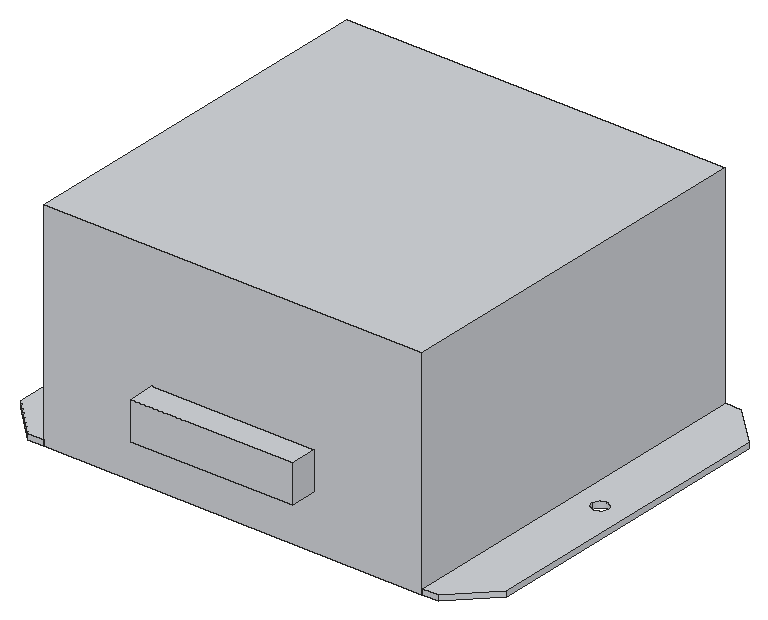
Revit family "Atlas_Sound_M2000-SM_Non-Hosted", category Communication Devices, Revit 2016
Family settings
  Maintain Annotation Orientation = No
  Part Type = Normal
  Round Connector Dimension = Use Diameter
  Work Plane-Based = No
  Always vertical = Yes
  Cut with Voids When Loaded = No
  Shared = No
  Room Calculation Point = No
Parameters
  Warranty Duration (Years) = 0
  URL = "https://www.atlasied.com/m2000-sm"
  Specification = ""
  SpecWizard = ""
  Send Message = ""
  Sales Information = ""
  Revision = ""
  Product Properties = ""
  Product Data = "https://www.atlasied.com/f/2208/ATS003058_M2000-SM_Data.pdf"
  OmniClass Title = ""
  OmniClass Number = ""
  MasterFormat04 Keynote = ""
  Manufacturer's Notes = ""
  Manufacturer Website = "https://www.atlasied.com/"
  Manufacturer Phone - Toll Free = "800-876-3333"
  Manufacturer Phone = "602-438-4545"
  Manufacturer Fax = "602-438-8692"
  Manufacturer Email = ""
  Manufacturer Address = "4545 E. Baseline Rd. Phoenix, AZ 85040"
  Manufacturer = "Atlas Sound"
  Maintenance Schedule (Months) = 0
  Installation-Fabrication = "https://www.atlasied.com/f/2208/ATS003058_M2000-SM_Data.pdf"
  Installation Phase = ""
  Green Building-LEED = ""
  Expected Lifespan (Years) = 0
  Drawn By = "Matt Wunch"
  Description = "Surface mounted sound masking transducer"
  DIM = 3.50"
  Copyright = "Arcat, Inc. ©2018"
  Construction Details = ""
  Company_ID = 0
  Category = ""
  Building Codes = ""
Reference planes (in)
  plane 1 "Center (Front/Back)": y = 0
  plane 2: z = 0
  plane 3 "Center (Left/Right)": x = 0
  plane 4: x = -1.75
  plane 5: y = 1.75
  plane 6: y = -1.75
  plane 7: x = 1.75
Forms (in)
  Extrusion 1, solid
    sketch origin (0, 0, 0) x (1, 0, 0) y (0, 1, 0)
      loop
        line (-1.75, 1.75) -> (-1.75, -1.75) -> (1.75, -1.75) -> (1.75, 1.75) -> (-1.75, 1.75)
    from 0 to 2
  Extrusion 2, solid
    sketch origin (0, 0, 0) x (1, 0, 0) y (0, 1, 0)
      loop
        line (-1.75, 1.75) -> (-1.9, 1.75) -> (-2.25, 1.4) -> (-2.25, -1.4) -> (-1.9, -1.75) -> (-1.75, -1.75) -> (-1.75, 1.75)
      loop
        line (1.75, 1.75) -> (1.75, -1.75) -> (1.9, -1.75) -> (2.25, -1.4) -> (2.25, 1.4) -> (1.9, 1.75) -> (1.75, 1.75)
    from 0 to 0.05
  Extrusion 3, void
    sketch origin (0, 0, 0) x (1, 0, 0) y (0, 1, 0)
      loop
        circle (-2, 0) r 0.075
      loop
        circle (2, 0) r 0.075
    from -0.05 to 0.1
  Extrusion 4, solid
    sketch origin (0, 0, 0) x (1, 0, 0) y (0, 0, 1)
      loop
        line (-0.75, 0.85) -> (-0.75, 0.5) -> (0.75, 0.5) -> (0.75, 0.85) -> (-0.75, 0.85)
    from 1.75 to 2
Cuts and joins
  Extrusion 3 cuts Extrusion 2
Dimensions and locks (in)
  equal spacing: plane 4, plane 3 "Center (Left/Right)", plane 7
  "DIM": plane 4 to plane 7
  equal spacing: plane 5, plane 1 "Center (Front/Back)", plane 6
  "DIM": plane 5 to plane 6
  aligned and locked: plane 2 to level
Automatic sketch dimensions
  Extrusion 1 sketch curve to plane 4 = 0.00"
  Extrusion 1 sketch curve to plane 7 = 0.00"
  Extrusion 1 sketch curve to plane 6 = 0.00"
  Extrusion 1 sketch curve to plane 5 = 0.00"
  plane 6 to Extrusion 2 sketch curve = 0.00"  (x2)
  Extrusion 2 sketch curve to plane 5 = 0.00"  (x2)
  Extrusion 2 sketch curve to plane 4 = 0.00"
  Extrusion 2 sketch curve to plane 7 = 0.00"
  Extrusion 2 sketch curve to Extrusion 2 sketch curve = 0.15"  (x3)
  plane 4 to Extrusion 2 sketch curve = 0.15"
  Extrusion 2 sketch curve to Extrusion 2 sketch curve = 0.35"  (x2)
  Extrusion 2 sketch curve to plane 6 = 0.35"  (x2)
  Extrusion 2 sketch curve to plane 5 = 0.35"  (x2)
  plane 1 "Center (Front/Back)" to Extrusion 3 sketch curve = 0.00"  (x2)
  plane 4 to Extrusion 3 sketch curve = 0.25"
  plane 7 to Extrusion 3 sketch curve = 0.25"
  Extrusion 4 sketch curve to plane 4 = 1.00"
  Extrusion 4 sketch curve to plane 7 = 1.00"
  level to Extrusion 4 sketch curve = 0.50"
  Extrusion 4 sketch curve to Extrusion 4 sketch curve = 0.35"
  radius of Extrusion 3 sketch curve = 0.075"  (x2)
Connectors (in)
  electrical at (0, 0, 0)
    settings: on Extrusion 1, index 1, voltage 0 V, apparent load 0 VA, apparent load phase1 0 VA, apparent load phase2 0 VA, apparent load phase3 0 VA, power factor 1, load classification "Other", number of poles 1, system type 14, power factor state 1, is connector primary yes, connector utility no, sub classification motor no, connector description ""
